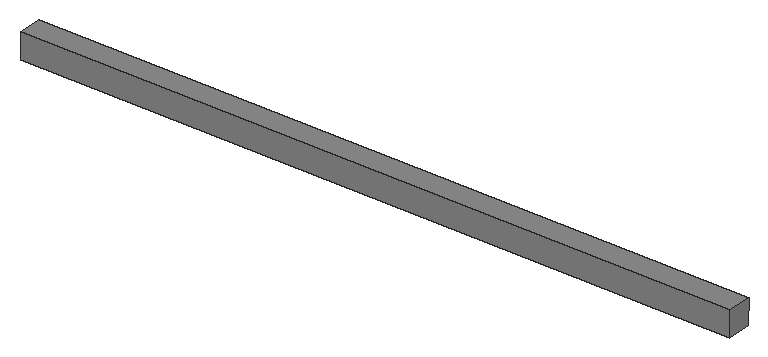
Revit family "Haworth_Pergola_Panel_TopRail_Straight", category Furniture Systems, Revit 2018
Family settings
  Round Connector Dimension = Use Diameter
  Part Type = Normal
  OmniClass Number = 23.40.70.14.64.21
  OmniClass Title = Systems Furniture
  Work Plane-Based = No
  Always vertical = Yes
  Cut with Voids When Loaded = No
  Shared = No
  Room Calculation Point = No
Parameters (values of type "120w")
  Width = 120"
  Warranty = "http://www.haworth.com/resources/product-info/warranties"
  URL - Product = "https://www.haworth.com/na/en/inspiration/pergola.html"
  URL = "http://www.haworth.com"
  Trim Finish = Haworth _ Paint _ Undecided _ Pergola
  Sustainability Info = "http://www.haworth.com/company-info/sustainablility"
  Standard Width = "48,  72, 96, 120, and 144 in."  # constant formula
  Model = "Haworth Pergola"  # constant formula
  Description = "Haworth - Pergola Panel - Top Rail - Straight"  # constant formula
  Actual Depth = 4"  # constant formula
  Size = "Verify Final Dim. w/ Haworth"  # constant formula
  Revision Number = "1"  # constant formula
  Min. Width = 48"  # constant formula
  Max. Width = 144"  # constant formula
  Min. Height = 4"  # constant formula
  Max. Height = 4"  # constant formula
  Manufacturer = "Haworth"  # constant formula
  Author = "Haworth (Bentzen)"  # constant formula
  Assembly Code = "E2020200"
  Actual Width = if(Width < Min. Width, Min. Width, if(Width > Max. Width, Max. Width, Width))  # 120"
  Actual Height = 4 25/128"  # constant formula
Types (5): name | Width | Actual Width
  48w | 48" | 48"
  72w | 72" | 72"
  96w | 96" | 96"
  120w | 120" | 120"
  144w | 144" | 144"
Reference planes (in)
  plane 1 "Center F/B": y = 0
  plane 2 "Bottom": z = 0
  plane 3 "Center L/R": x = 59.5
  plane 4 "Back": y = 2
  plane 5 "Front": y = -2
  plane 6 "Right": x = 119.5
  plane 7 "Top": z = 96
  plane 8 "Left": x = -0.5
  plane 9 "Underbeam Height": z = 91.80469
  plane 10: y = 0.59915
  plane 11: y = -0.59915
  plane 12: z = 94.04331
Forms (in)
  Extrusion 1, solid, material "Haworth _ Paint _ Undecided _ Pergola" <- "Trim Finish"
    sketch origin (59.5, 0, 0) x (0, 1, 0) y (0, 0, 1)
      loop
        line (2, 96) -> (-2, 96) -> (-2, 91.80469) -> (2, 91.80469) -> (2, 96)
    from -60 to 60
Lines and regions (in)
  Masking region 1
    outline origin (0, 0, 0) x (1, 0, 0) y (0, 1, 0)
      loop
        line (-0.5, 2) -> (-0.5, -2) -> (119.5, -2) -> (119.5, 2) -> (-0.5, 2)
Dimensions and locks (in)
  plane 9 "Underbeam Height" to plane 2 "Bottom" = 91 103/128"
  equal spacing: plane 8 "Left", plane 3 "Center L/R", plane 6 "Right"
  "Actual Width": plane 8 "Left" to plane 6 "Right"
  equal spacing: plane 4 "Back", plane 1 "Center F/B", plane 5 "Front"
  "Actual Depth": plane 4 "Back" to plane 5 "Front"
  "Actual Height": plane 7 "Top" to plane 9 "Underbeam Height"
  aligned and locked: level to plane 2 "Bottom"
  aligned and locked: plane 8 "Left" to Extrusion 1
  aligned and locked: plane 6 "Right" to Extrusion 1
  aligned and locked: Extrusion 1 to plane 9 "Underbeam Height"
  aligned and locked: plane 4 "Back" to Extrusion 1
  aligned and locked: Extrusion 1 to plane 5 "Front"
  aligned and locked: plane 8 "Left" to Masking region 1
  aligned and locked: Masking region 1 to plane 4 "Back"
  aligned and locked: Masking region 1 to plane 5 "Front"
  aligned and locked: plane 6 "Right" to Masking region 1
  aligned and locked: plane 7 "Top" to Extrusion 1
Automatic sketch dimensions
  Masking region 1 sketch curve to plane 8 "Left" = 0"
  plane 6 "Right" to Masking region 1 sketch curve = 0"
  Masking region 1 sketch curve to plane 5 "Front" = 0"
  plane 4 "Back" to Masking region 1 sketch curve = 0"
  Extrusion 1 sketch curve to plane 5 "Front" = 0"
  Extrusion 1 sketch curve to plane 4 "Back" = 0"
  Extrusion 1 sketch curve to plane 9 "Underbeam Height" = 0"
  Extrusion 1 sketch curve to plane 7 "Top" = 0"
